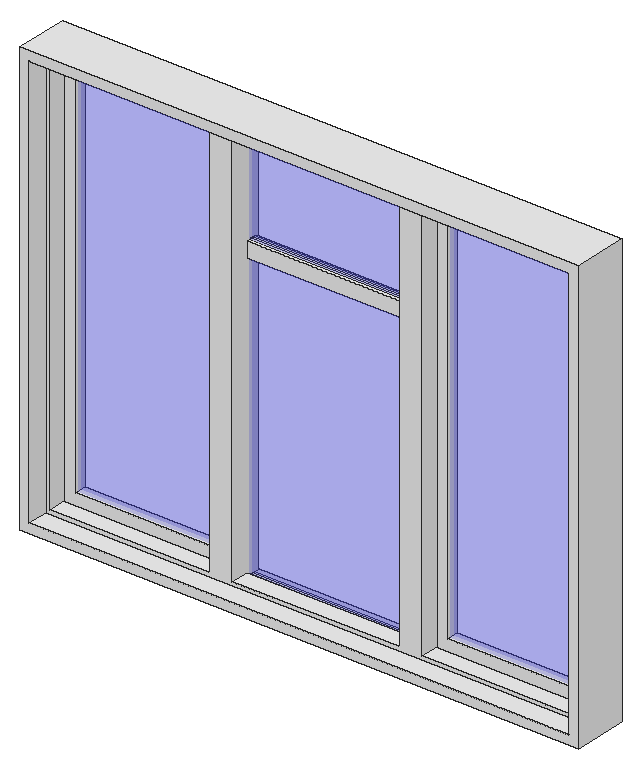
Revit family "M_Janela-batente-triplo-central-travessa", category Janelas, Revit 2019
Family settings
  Hospedeiro = Parede
  Número OmniClass = 23.30.20.00
  Título OmniClass = Windows
  Sempre na vertical = Sim
  Corte com vazios quando carregada = Não
  Compartilhado = Não
  Ponto de cálculo do ambiente = Não
Parameters (values of type "1550 x 1200mm")
  Largura da janela = Largura / 3  # 516.667 mm
  Janela aplicada [instance] = 15.9 mm
  Espessura da parede [instance] = 150 mm
  Visual Light Transmittance = 0.81
  Coeficiente da altura da travessa = 0.3
  Resistência térmica (R) = 0.319569 (m²·K)/W
  Solar Heat Gain Coefficient = 0.76
  Largura bruta = Largura + 15 mm  # 1565 mm
  Altura bruta = Altura + 15 mm  # 1215 mm
  Coeficiente de transferência de calor (U) = 3.12929 W/(m²·K)
  Material da moldura = Metal - Alum
  Altura = 1200 mm
  Material do painel de vidro = Vidro
  Altura da travessa = Coeficiente da altura da travessa * Altura  # 360 mm
  Intervalo da moldura 3 [instance] = Intervalo da moldura 1 + 6.4 mm  # 41.9 mm
  Intervalo da moldura 2 [instance] = if(Janela aplicada > 15.9 mm, Janela aplicada, 15.9 mm)  # 15.9 mm
  Intervalo da moldura 1 = 35.5 mm
  Classificação de incêndio = "0.5h"
  Altura-padrão do peitoril = 900 mm
  Fechamento da parede = Por hospedeiro
  Largura = 1550 mm
  Código de montagem = "B2020100"
  Construção analítica = "Vidraça dupla – residencial"
Types (4, lengths in mm): name | Largura da janela | Janela aplicada | Largura bruta | Altura bruta | Altura | Altura da travessa | Largura
  (no name) | 516.667 | 15.9 | 1565 | 1215 | 1200 | 360 | 1550
  1800 x 1350mm | 600 | 15.9 | 1815 | 1365 | 1350 | 405 | 1800
  1550 x 1200mm | 516.667 | 15.9 | 1565 | 1215 | 1200 | 360 | 1550
  2150 x 1500mm | 716.667 | 15.875 | 2165 | 1515 | 1500 | 450 | 2150
Reference planes
  plane 1 "Centro (Frente/Trás)": y = 0
  plane 2: z = 0
  plane 3 "Centro (Esquerda/Direita)": x = 0
  plane 4 "Esquerda": x = -775
  plane 5 "Direita": x = 775
  plane 6 "Peitoril": z = 900
  plane 7 "Extremidade superior": z = 2100
  plane 8 "Exterior": y = 75
  plane 9 "Interior": y = -75
  plane 10 "Vidro 1": y = 59.1
  plane 11: y = -17.1
  plane 12: x = -749.6
  plane 13: x = 749.6
  plane 14: y = 33.7
  plane 15: x = -739.5
  plane 16: x = 739.5
  plane 17: x = -258.333
  plane 18: x = 258.333
  plane 19: x = -283.733
  plane 20: x = -232.933
  plane 21: x = 232.933
  plane 22: x = 283.733
  plane 23: x = -293.833
  plane 24: x = -222.833
  plane 25: x = 222.833
  plane 26: x = 293.833
  plane 27: z = 2074.6
  plane 28: z = 925.4
  plane 29 "Deslocamento do caixilho": y = 65.45
  plane 30: y = 75
  plane 31: x = -707.7
  plane 32: x = -325.633
  plane 33: x = -191.033
  plane 34: x = 191.033
  plane 35: x = 325.633
  plane 36: x = 707.7
  plane 37: z = 935.5
  plane 38: z = 2064.5
  plane 39: z = 1760.95
  plane 40 "Vidro 2": y = 52.75
  plane 41 "Vidro 3": y = 46.4
  plane 42 "Vidro 4": y = 40.05
  plane 43 "Meio": z = 1500
  plane 44 "Deslocamento do montante": y = 71.8
  plane 45: z = 1740
  plane 46: z = 1719.05
Forms (mm)
  Sweep 1, solid, material "Metal - Alum" <- "Material da moldura"
    path origin (0, 0, 0) x (1, 0, 0) y (0, 0, 1)
      loop
        line (-775, 900) -> (775, 900) -> (775, 2100) -> (-775, 2100) -> (-775, 900)
    profile origin (-775, 0, 1500) x (-1, 0, 0) y (0, -1, 0)
      loop
        line (0, -75) -> (0, 75) -> (-25.4, 75) -> (-25.4, 17.1) -> (-35.5, 17.1) -> (-35.5, -33.7) -> (-25.4, -33.7) -> (-25.4, -75) -> (0, -75)
  Extrusion 2, solid, material "Metal - Alum" <- "Material da moldura"
    sketch origin (0, 0, 900) x (0, -1, 0) y (1, 0, 0)
      loop
        line (-71.8, -283.733) -> (-33.7, -283.733) -> (-33.7, -293.833) -> (17.1, -293.833) -> (17.1, -232.933) -> (-71.8, -232.933) -> (-71.8, -283.733)
      loop
        line (-71.8, 232.933) -> (17.1, 232.933) -> (17.1, 293.833) -> (-33.7, 293.833) -> (-33.7, 283.733) -> (-71.8, 283.733) -> (-71.8, 232.933)
    from 25.4 to 1164.5
  Sweep 3, solid, material "Metal - Alum" <- "Material da moldura"
    path origin (-474.87, 65.45, 1219.2) x (-1, 0, 0) y (0, 0, 1)
      loop
        line (-1224.47, -293.8) -> (-758.604, -293.8) -> (-758.604, 855.4) -> (-1224.47, 855.4) -> (-1224.47, -293.8)
    profile origin (749.6, 65.45, 1500) x (1, 0, 0) y (0, 1, 0)
      loop
        line (-41.9, 0) -> (-41.9, -31.75) -> (0, -31.75) -> (0, 0) -> (-41.9, 0)
  Sweep 4, solid, material "Metal - Alum" <- "Material da moldura"
    path origin (-474.87, 65.45, 1219.2) x (-1, 0, 0) y (0, 0, 1)
      loop
        line (274.73, -293.8) -> (274.73, 855.4) -> (-191.137, 855.4) -> (-191.137, -293.8) -> (274.73, -293.8)
    profile origin (-749.6, 65.45, 1500) x (1, 0, 0) y (0, 1, 0)
      loop
        line (0, 0) -> (0, -31.75) -> (41.9, -31.75) -> (41.9, 0) -> (0, 0)
  Extrusion 5, solid, material "Vidro" <- "Material do painel de vidro"
    sketch origin (0, 0, 900) x (0, -1, 0) y (1, 0, 0)
      loop
        line (-59.1, -707.7) -> (-52.75, -707.7) -> (-52.75, -325.633) -> (-59.1, -325.633) -> (-59.1, -707.7)
      loop
        line (-46.4, -707.7) -> (-40.05, -707.7) -> (-40.05, -325.633) -> (-46.4, -325.633) -> (-46.4, -707.7)
      loop
        line (-59.1, 325.633) -> (-52.75, 325.633) -> (-52.75, 707.7) -> (-59.1, 707.7) -> (-59.1, 325.633)
      loop
        line (-46.4, 325.633) -> (-40.05, 325.633) -> (-40.05, 707.7) -> (-46.4, 707.7) -> (-46.4, 325.633)
    from 35.5 to 1164.5
  Extrusion 6, solid, material "Metal - Alum" <- "Material da moldura"
    sketch origin (-191.033, 186.465, 1219.2) x (0, 1, 0) y (0, 0, 1)
      loop
        line (-121.015, 541.75) -> (-152.765, 541.75) -> (-152.765, 499.85) -> (-121.015, 499.85) -> (-121.015, 541.75)
    from -41.9 to 423.967
  Extrusion 7, solid, material "Vidro" <- "Material do painel de vidro"
    sketch origin (0, 0, 900) x (0, -1, 0) y (1, 0, 0)
      loop
        line (-59.1, -232.933) -> (-52.75, -232.933) -> (-52.75, 232.933) -> (-59.1, 232.933) -> (-59.1, -232.933)
      loop
        line (-46.4, -232.933) -> (-40.05, -232.933) -> (-40.05, 232.933) -> (-46.4, 232.933) -> (-46.4, -232.933)
    from 25.4 to 819.05
  Extrusion 8, solid, material "Vidro" <- "Material do painel de vidro"
    sketch origin (0, 0, 900) x (0, -1, 0) y (1, 0, 0)
      loop
        line (-59.1, -232.933) -> (-52.75, -232.933) -> (-52.75, 232.933) -> (-59.1, 232.933) -> (-59.1, -232.933)
      loop
        line (-46.4, -232.933) -> (-40.05, -232.933) -> (-40.05, 232.933) -> (-46.4, 232.933) -> (-46.4, -232.933)
    from 860.95 to 1174.6
Cuts and joins
  joined: Sweep 1, Extrusion 2
Lines and regions (mm)
  Opening 1
    outline origin (-1524, -75, 0) x (1, 0, 0) y (0, 0, 1)
      loop
        line (749, 2100) -> (749, 900) -> (2299, 900) -> (2299, 2100) -> (749, 2100)
  symbolic lines, style "Giro da elevação"
    curve 1: line (283.733, 65.45, 2074.6) -> (749.6, 65.45, 1500)
    curve 2: line (749.6, 65.45, 1500) -> (283.733, 65.45, 925.4)
    curve 3: line (-283.733, 65.45, 2074.6) -> (-749.6, 65.45, 1500)
    curve 4: line (-749.6, 65.45, 1500) -> (-283.733, 65.45, 925.4)
Text (mm)
  text "EXTERIOR" at (-1490.695, 1293.036, 0), in view "Nível de referência"
  text "INTERIOR" at (-1490.695, -959.266, 0), in view "Nível de referência"
  text "Exterior" at (0, 1108.87, 3129.179), in view "Esquerda"
  text "Exterior" at (0, 464.664, 3176.206), in view "Direita"
Dimensions and locks
  equal spacing: plane 4 "Esquerda", plane 3 "Centro (Esquerda/Direita)", plane 5 "Direita"
  "Largura": plane 4 "Esquerda" to plane 5 "Direita"
  "Altura": plane 6 "Peitoril" to plane 7 "Extremidade superior"
  "Altura-padrão do peitoril": plane 2 to plane 6 "Peitoril"
  "Janela aplicada": plane 8 "Exterior" to plane 10 "Vidro 1"
  locked: plane 4 "Esquerda" to plane 12 at 25.4
  locked: plane 13 to plane 5 "Direita" at 25.4
  "Intervalo da moldura 1": plane 4 "Esquerda" to plane 15
  "Intervalo da moldura 1": plane 16 to plane 5 "Direita"
  locked: plane 14 to plane 11 at 50.8
  equal spacing: plane 4 "Esquerda", plane 17, plane 18, plane 5 "Direita"
  locked: plane 19 to plane 17 at 25.4
  locked: plane 17 to plane 20 at 25.4
  locked: plane 21 to plane 18 at 25.4
  locked: plane 18 to plane 22 at 25.4
  "Intervalo da moldura 1": plane 23 to plane 17
  "Intervalo da moldura 1": plane 17 to plane 24
  "Intervalo da moldura 1": plane 25 to plane 18
  "Intervalo da moldura 1": plane 18 to plane 26
  locked: plane 7 "Extremidade superior" to plane 27 at 25.4
  locked: plane 28 to plane 6 "Peitoril" at 25.4
  "Intervalo da moldura 2": plane 30 to plane 10 "Vidro 1"
  "Intervalo da moldura 3": plane 12 to plane 31
  "Intervalo da moldura 3": plane 32 to plane 19
  "Intervalo da moldura 3": plane 20 to plane 33
  "Intervalo da moldura 3": plane 34 to plane 21
  "Intervalo da moldura 3": plane 22 to plane 35
  "Intervalo da moldura 3": plane 36 to plane 13
  "Intervalo da moldura 1": plane 6 "Peitoril" to plane 37
  "Intervalo da moldura 1": plane 38 to plane 7 "Extremidade superior"
  locked: plane 10 "Vidro 1" to plane 40 "Vidro 2" at 6.35
  locked: plane 40 "Vidro 2" to plane 41 "Vidro 3" at 6.35
  locked: plane 41 "Vidro 3" to plane 42 "Vidro 4" at 6.35
  equal spacing: plane 6 "Peitoril", plane 43 "Meio", plane 7 "Extremidade superior"
  locked: plane 10 "Vidro 1" to plane 14 at 25.4
  locked: plane 29 "Deslocamento do caixilho" to plane 10 "Vidro 1" at 6.35
  locked: plane 44 "Deslocamento do montante" to plane 29 "Deslocamento do caixilho" at 6.35
  equal spacing: plane 25, Extrusion 8 sketch curve, plane 18
  "Espessura da parede": host wall to host wall
  "Intervalo da moldura 3": plane 46 to plane 39
  equal spacing: plane 46, plane 45, plane 39
  "Altura da travessa": plane 45 to plane 7 "Extremidade superior"
  aligned and locked: plane 7 "Extremidade superior" to Opening 1 sketch curve
  aligned and locked: plane 6 "Peitoril" to Opening 1 sketch curve  (x2)
  aligned and locked: plane 5 "Direita" to Opening 1 sketch curve
  aligned and locked: plane 4 "Esquerda" to Opening 1 sketch curve
  aligned and locked: level to plane 2
  aligned and locked: host wall to plane 8 "Exterior"
  aligned and locked: plane 9 "Interior" to host wall
  aligned and locked: Sweep 1 sketch curve to plane 4 "Esquerda"  (x2)
  aligned and locked: plane 7 "Extremidade superior" to Sweep 1 sketch curve  (x2)
  aligned and locked: plane 5 "Direita" to Sweep 1 sketch curve  (x2)
  aligned and locked: plane 6 "Peitoril" to Sweep 1 sketch curve  (x2)
  aligned and locked: plane 4 "Esquerda" to Sweep 1 sketch curve  (x2)
  aligned and locked: Sweep 1 sketch curve to plane 14
  aligned and locked: Sweep 1 sketch curve to plane 15
  aligned and locked: plane 9 "Interior" to Sweep 1 sketch curve  (x2)
  aligned and locked: plane 12 to Sweep 1 sketch curve  (x2)
  aligned and locked: plane 14 to Sweep 1 sketch curve
  aligned and locked: Extrusion 2 sketch curve to plane 19
  aligned and locked: Extrusion 2 sketch curve to plane 21
  aligned and locked: plane 30 to Sweep 1 sketch curve  (x2)
  aligned and locked: Sweep 4 sketch curve to plane 27
  aligned and locked: Sweep 4 sketch curve to plane 19
  aligned and locked: plane 28 to Sweep 4 sketch curve  (x2)
  aligned and locked: plane 12 to Sweep 4 sketch curve  (x2)
  aligned and locked: plane 19 to Sweep 4 sketch curve
  aligned and locked: plane 27 to Sweep 4 sketch curve
  aligned and locked: Sweep 4 sketch curve to profile plane  (x2)
  aligned and locked: plane 14 to Sweep 4 sketch curve
  aligned and locked: Sweep 4 sketch curve to plane 31
  aligned and locked: plane 28 to Sweep 3 sketch curve  (x2)
  aligned and locked: plane 13 to Sweep 3 sketch curve  (x2)
  aligned and locked: plane 22 to Sweep 3 sketch curve  (x2)
  aligned and locked: plane 27 to Sweep 3 sketch curve  (x2)
  aligned and locked: Sweep 3 sketch curve to profile plane
  aligned and locked: plane 36 to Sweep 3 sketch curve
  aligned and locked: Sweep 3 sketch curve to Sweep 1
  aligned and locked: Sweep 1 to Sweep 3 sketch curve
  aligned and locked: plane 38 to Extrusion 5
  aligned and locked: Extrusion 5 to plane 37
  aligned and locked: plane 29 "Deslocamento do caixilho" to Extrusion 6 sketch curve
  aligned and locked: Extrusion 6 sketch curve to plane 14
  aligned and locked: plane 10 "Vidro 1" to Extrusion 5 sketch curve  (x2)
  aligned and locked: Extrusion 5 sketch curve to plane 31
  aligned and locked: Extrusion 5 sketch curve to plane 40 "Vidro 2"  (x2)
  aligned and locked: plane 32 to Extrusion 5 sketch curve  (x2)
  aligned and locked: Extrusion 5 sketch curve to plane 41 "Vidro 3"
  aligned and locked: Extrusion 5 sketch curve to plane 42 "Vidro 4"  (x2)
  aligned and locked: Extrusion 5 sketch curve to plane 35  (x2)
  aligned and locked: plane 36 to Extrusion 5 sketch curve  (x2)
  aligned and locked: plane 41 "Vidro 3" to Extrusion 5 sketch curve
  aligned and locked: Extrusion 8 to plane 39
  aligned and locked: plane 27 to curve 1
  aligned and locked: plane 22 to curve 1
  aligned and locked: plane 13 to curve 2
  aligned and locked: plane 43 "Meio" to curve 1
  aligned and locked: plane 22 to curve 2
  aligned and locked: plane 28 to curve 2
  aligned and locked: plane 28 to curve 4
  aligned and locked: plane 19 to curve 4
  aligned and locked: plane 43 "Meio" to curve 4
  aligned and locked: plane 12 to curve 4
  aligned and locked: plane 19 to curve 3
  aligned and locked: plane 27 to curve 3
  aligned and locked: plane 39 to Extrusion 6
  aligned and locked: Extrusion 7 to Extrusion 6
  aligned and locked: plane 10 "Vidro 1" to Extrusion 7 sketch curve
  aligned and locked: Extrusion 7 sketch curve to plane 20  (x2)
  aligned and locked: Extrusion 7 sketch curve to plane 40 "Vidro 2"
  aligned and locked: plane 41 "Vidro 3" to Extrusion 7 sketch curve
  aligned and locked: Extrusion 7 sketch curve to plane 42 "Vidro 4"
  aligned and locked: plane 21 to Extrusion 7 sketch curve
  aligned and locked: plane 10 "Vidro 1" to Extrusion 8 sketch curve
  aligned and locked: Extrusion 8 sketch curve to plane 20  (x2)
  aligned and locked: Extrusion 8 sketch curve to plane 40 "Vidro 2"
  aligned and locked: plane 41 "Vidro 3" to Extrusion 8 sketch curve
  aligned and locked: Extrusion 8 sketch curve to plane 42 "Vidro 4"
  aligned and locked: plane 21 to Extrusion 8 sketch curve
  aligned and locked: plane 21 to Extrusion 6
  aligned and locked: Extrusion 6 to plane 20
  aligned and locked: Extrusion 2 sketch curve to plane 23
  aligned and locked: plane 20 to Extrusion 2 sketch curve  (x2)
  aligned and locked: plane 23 to Extrusion 2 sketch curve
  aligned and locked: plane 14 to Extrusion 2 sketch curve  (x3)
  aligned and locked: plane 44 "Deslocamento do montante" to Extrusion 2 sketch curve  (x4)
  aligned and locked: plane 19 to Extrusion 2 sketch curve
  aligned and locked: plane 26 to Extrusion 2 sketch curve  (x2)
  aligned and locked: plane 21 to Extrusion 2 sketch curve
  aligned and locked: plane 22 to Extrusion 2 sketch curve
  aligned and locked: Extrusion 7 to plane 28
  aligned and locked: plane 27 to Extrusion 8
  aligned and locked: nested 1 to plane 8 "Exterior"
  aligned and locked: plane 17 to nested 1
  aligned and locked: plane 18 to nested 1
  aligned and locked: nested 2 to plane 4 "Esquerda"
  aligned and locked: nested 2 to plane 8 "Exterior"
  aligned and locked: nested 3 to plane 5 "Direita"
  aligned and locked: nested 3 to plane 8 "Exterior"
  aligned and locked: nested 1 to plane 7 "Extremidade superior"
  aligned and locked: nested 2 to plane 7 "Extremidade superior"
  aligned and locked: nested 3 to plane 7 "Extremidade superior"
  aligned and locked: cut or joined group of Sweep 1, Extrusion 2 to plane 11
  aligned and locked: Extrusion 2 sketch curve to plane 11
  aligned and locked: Sweep 1 sketch curve to plane 11
  aligned and locked: Extrusion 6 sketch curve to plane 39
  aligned and locked: plane 46 to Extrusion 6 sketch curve
  aligned and locked: plane 38 to cut or joined group of Sweep 1, Extrusion 2
Automatic sketch dimensions
  Extrusion 5 sketch curve to plane 31 = 0 mm
  Extrusion 8 sketch curve to plane 21 = 0 mm
  Extrusion 7 sketch curve to plane 21 = 0 mm
  host wall to Extrusion 2 sketch curve = 17.1 mm
Nested families
  nested 1: "M_Plana-fixa_simples" at (0, 75, 900), Janela aplicada <- "Janela aplicada", Largura <- "Largura da janela", Altura <- "Altura", Espessura da parede <- "Espessura da parede", type "M_Plana-fixa_simples"
    with Janela aplicada de 3D 2.9 mm, Janela aplicada 15.9 mm, Largura 516.667 mm, Espessura da parede 150 mm, Linha superior yes, Linha à direita no, Linha à esquerda no, Altura 1200 mm, Linha inferior yes
  nested 2: "M_Plano-Batente" at (-516.667, 75, 900), Janela aplicada <- "Janela aplicada", Largura <- "Largura da janela", Altura <- "Altura", Espessura da parede <- "Espessura da parede", type "M_Plano-Batente"
    with Janela aplicada de 3D 2.9 mm, Janela aplicada 15.9 mm, Largura 516.667 mm, Espessura da parede 150 mm, Linha superior yes, Linha à direita no, RH no, Linha à esquerda yes, LH yes, Altura 1200 mm, Linha inferior yes
  nested 3: "M_Plano-Batente" at (516.667, 75, 900), Janela aplicada <- "Janela aplicada", Largura <- "Largura da janela", Altura <- "Altura", Espessura da parede <- "Espessura da parede", type "M_Plano-Batente"
    with Janela aplicada de 3D 2.9 mm, Janela aplicada 15.9 mm, Largura 516.667 mm, Espessura da parede 150 mm, Linha superior yes, Linha à direita yes, RH yes, Linha à esquerda no, LH no, Altura 1200 mm, Linha inferior yes
Definition of nested family "M_Plana-fixa_simples"
  Parameters (values of type "M_Plana-fixa_simples")
    Janela aplicada [instance] = 25 mm
    Janela aplicada de 3D [instance] = if(Janela aplicada - 13 mm < 0 mm, 0 mm, if(Janela aplicada - 13 mm < Espessura da parede - 90 mm, Janela aplicada - 13 mm, Espessura da parede - 90 mm))  # 12 mm
    Width [instance] = 1200 mm
    Espessura da parede [instance] = 150 mm
    Linha superior [instance] = yes
    Linha à direita [instance] = yes
    Linha à esquerda [instance] = yes
    Height [instance] = 900 mm
    Default Elevation = 1200 mm
    Linha inferior [instance] = yes
    Analytic Construction = "<Nenhum>"
  Reference planes
    plane 1 "Centro (Frente/Trás)": y = 0
    plane 2: z = 0
    plane 3 "Centro (Esquerda/Direita)": x = 0
    plane 4: x = -600
    plane 5: x = 600
    plane 6 "Umbral": y = -100.9
    plane 7: x = -587.3
    plane 8: y = -12
    plane 9: y = -56.45
    plane 10: y = -34.225
    plane 11: x = 587.3
    plane 12 "Janela aplicada": y = -24.7
    plane 13 "Parede": y = -150
    plane 14: z = 900
    plane 15: z = 887.3
    plane 16: z = 12.7
    plane 17: z = 868.25
    plane 18: z = 31.75
    plane 19: z = 830.15
    plane 20: z = 69.85
  Lines and regions (mm)
    Masking region 1
      outline origin (0, 19.05, 0) x (1, 0, 0) y (0, 1, 0)
        loop
          line (-600, -19.05) -> (-600, -169.05) -> (600, -169.05) -> (600, -19.05) -> (-600, -19.05)
    Masking region 2
      outline origin (0, 0, 0) x (0, 1, 0) y (0, 0, 1)
        loop
          line (-150, 0) -> (0, 0) -> (0, 900) -> (-150, 900) -> (-150, 0)
    symbolic lines
      curve 1: line (-587.3, -12, 0) -> (-587.3, -100.9, 0)
      curve 2: line (-587.3, -34.225, 0) -> (587.3, -34.225, 0)
      curve 3: line (587.3, -12, 0) -> (587.3, -100.9, 0)
      curve 4: line (-600, -100.9, 0) -> (-587.3, -100.9, 0)
      curve 5: line (587.3, -100.9, 0) -> (600, -100.9, 0)
      curve 6: line (587.3, -100.9, 0) -> (-587.3, -100.9, 0)
      curve 7: line (0, -12, 887.3) -> (0, -100.9, 887.3)
      curve 8: line (0, -100.9, 12.7) -> (0, -100.9, 887.3)
      curve 9: line (0, -12, 12.7) -> (0, -100.9, 12.7)
      curve 10: line (0, -12, 900) -> (0, -12, 887.3)
      curve 11: line (0, -34.225, 12.7) -> (0, -34.225, 887.3)
      curve 12: line (587.3, -12, 0) -> (600, -12, 0)
      curve 13: line (-587.3, -12, 0) -> (-600, -12, 0)
      curve 14: line (0, -12, 12.7) -> (0, -12, 0)
      curve 15: line (-587.3, -12, 0) -> (587.3, -12, 0)
      curve 16: line (0, -12, 12.7) -> (0, -12, 887.3)
      curve 17: line (0, -100.9, 12.7) -> (0, -100.9, 0)
      curve 18: line (0, -100.9, 887.3) -> (0, -100.9, 900)
    symbolic lines, visible <- "Linha à esquerda"
      curve 19: line (-600, 0, 0) -> (-600, -150, 0)
    symbolic lines, visible <- "Linha à direita"
      curve 20: line (600, 0, 0) -> (600, -150, 0)
    symbolic lines, visible <- "Linha superior"
      curve 21: line (0, 0, 900) -> (0, -150, 900)
    symbolic lines, visible <- "Linha inferior"
      curve 22: line (0, 0, 0) -> (0, -150, 0)
  Dimensions and locks
    "Width": plane 4 to plane 5
    equal spacing: plane 4, plane 3 "Centro (Esquerda/Direita)", plane 5
    locked: plane 4 to plane 7 at 12.7
    equal spacing: plane 8, plane 10, plane 9
    locked: plane 5 to plane 11 at 12.7
    locked: plane 8 to plane 12 "Janela aplicada" at 12.7
    locked: plane 8 to plane 9 at 44.45
    "Espessura da parede": plane 13 "Parede" to plane 1 "Centro (Frente/Trás)"
    "Height": plane 14 to plane 2
    locked: plane 14 to plane 15 at 12.7
    locked: plane 16 to plane 2 at 12.7
    locked: plane 15 to plane 17 at 19.05
    locked: plane 18 to plane 16 at 19.05
    locked: plane 15 to plane 19 at 57.15
    locked: plane 20 to plane 16 at 57.15
    locked: plane 9 to plane 6 "Umbral" at 44.45
    "Janela aplicada de 3D": plane 8 to plane 1 "Centro (Frente/Trás)"
    aligned and locked: plane 2 to level
    aligned and locked: Masking region 1 sketch curve to plane 13 "Parede"
    aligned and locked: curve 4 to plane 6 "Umbral"
    aligned and locked: curve 5 to plane 6 "Umbral"
    aligned and locked: plane 1 "Centro (Frente/Trás)" to Masking region 1 sketch curve  (x2)
    aligned and locked: plane 13 "Parede" to Masking region 2 sketch curve  (x2)
    aligned and locked: plane 6 "Umbral" to curve 8
    aligned and locked: plane 15 to curve 7
    aligned and locked: plane 16 to curve 9
    aligned and locked: curve 10 to plane 8
    aligned and locked: plane 10 to curve 11
    aligned and locked: plane 5 to curve 12
    aligned and locked: plane 14 to curve 10
    aligned and locked: plane 8 to curve 7
    aligned and locked: plane 4 to curve 13
    aligned and locked: plane 8 to curve 14
    aligned and locked: plane 2 to curve 14
    aligned and locked: curve 1 to plane 7
    aligned and locked: plane 11 to curve 3
    aligned and locked: curve 15 to plane 8
    aligned and locked: curve 18 to plane 6 "Umbral"
    aligned and locked: plane 4 to Masking region 1 sketch curve
    aligned and locked: Masking region 1 sketch curve to plane 5
    aligned and locked: plane 14 to Masking region 2 sketch curve
    aligned and locked: Masking region 2 sketch curve to plane 2
    aligned and locked: plane 13 "Parede" to Masking region 1 sketch curve
    aligned and locked: plane 1 "Centro (Frente/Trás)" to curve 19
    aligned and locked: plane 13 "Parede" to curve 19
    aligned and locked: curve 19 to plane 4
    aligned and locked: plane 1 "Centro (Frente/Trás)" to curve 20
    aligned and locked: plane 13 "Parede" to curve 20
    aligned and locked: curve 20 to plane 5
    aligned and locked: plane 1 "Centro (Frente/Trás)" to Masking region 2 sketch curve
    aligned and locked: plane 1 "Centro (Frente/Trás)" to curve 21
    aligned and locked: plane 13 "Parede" to curve 21
    aligned and locked: curve 21 to plane 14
    aligned and locked: plane 1 "Centro (Frente/Trás)" to curve 22
    aligned and locked: plane 13 "Parede" to curve 22
    aligned and locked: curve 22 to plane 2
  Automatic sketch dimensions
    curve 2 to plane 10 = 0 mm
Definition of nested family "M_Plano-Batente"
  Parameters (values of type "M_Plano-Batente")
    Janela aplicada [instance] = 25 mm
    Janela aplicada de 3D [instance] = if(Janela aplicada - 13 mm < 0 mm, 0 mm, if(Janela aplicada - 13 mm < Espessura da parede - 90 mm, Janela aplicada - 13 mm, Espessura da parede - 90 mm))  # 12 mm
    Width [instance] = 1200 mm
    Espessura da parede [instance] = 150 mm
    Linha superior [instance] = yes
    Linha à direita [instance] = yes
    RH [instance] = yes
    Linha à esquerda [instance] = yes
    LH [instance] = yes
    Height [instance] = 900 mm
    Default Elevation = 1200 mm
    Linha inferior [instance] = yes
    Analytic Construction = "<Nenhum>"
  Reference planes
    plane 1 "Centro (Frente/Trás)": y = 0
    plane 2: z = 0
    plane 3 "Centro (Esquerda/Direita)": x = 0
    plane 4: x = -600
    plane 5: x = 600
    plane 6 "Umbral": y = -100.9
    plane 7: x = -587.3
    plane 8: x = -568.25
    plane 9: y = -12
    plane 10: y = -56.45
    plane 11: y = -34.225
    plane 12: x = -530.15
    plane 13: x = 587.3
    plane 14: x = 568.25
    plane 15: x = 530.15
    plane 16 "Janela aplicada": y = -24.7
    plane 17 "Parede": y = -150
    plane 18: z = 900
    plane 19: z = 887.3
    plane 20: z = 12.7
    plane 21: z = 868.25
    plane 22: z = 31.75
    plane 23: z = 830.15
    plane 24: z = 69.85
  Lines and regions (mm)
    Masking region 1
      outline origin (0, 19.05, 0) x (1, 0, 0) y (0, 1, 0)
        loop
          line (-600, -19.05) -> (-600, -169.05) -> (600, -169.05) -> (600, -19.05) -> (-600, -19.05)
    Masking region 2
      outline origin (0, 0, 0) x (0, 1, 0) y (0, 0, 1)
        loop
          line (0, 900) -> (-150, 900) -> (-150, 0) -> (0, 0) -> (0, 900)
    symbolic lines
      curve 1: line (-587.3, -56.45, 0) -> (-568.25, -56.45, 0)
      curve 2: line (-568.25, -56.45, 0) -> (-568.25, -100.9, 0)
      curve 3: line (-587.3, -12, 0) -> (-587.3, -56.45, 0)
      curve 4: line (-530.15, -12, 0) -> (-530.15, -56.45, 0)
      curve 5: line (-530.15, -56.45, 0) -> (-568.25, -56.45, 0)
      curve 6: line (-530.15, -34.225, 0) -> (530.15, -34.225, 0)
      curve 7: line (587.3, -56.45, 0) -> (568.25, -56.45, 0)
      curve 8: line (568.25, -56.45, 0) -> (568.25, -100.9, 0)
      curve 9: line (587.3, -12, 0) -> (587.3, -56.45, 0)
      curve 10: line (530.15, -12, 0) -> (530.15, -56.45, 0)
      curve 11: line (530.15, -56.45, 0) -> (568.25, -56.45, 0)
      curve 14: line (-600, -100.9, 0) -> (-568.25, -100.9, 0)
      curve 15: line (568.25, -100.9, 0) -> (600, -100.9, 0)
      curve 16: line (568.25, -100.9, 0) -> (-568.25, -100.9, 0)
      curve 17: line (0, -12, 887.3) -> (0, -56.45, 887.3)
      curve 18: line (0, -56.45, 868.25) -> (0, -100.9, 868.25)
      curve 19: line (0, -12, 12.7) -> (0, -56.45, 12.7)
      curve 20: line (0, -56.45, 12.7) -> (0, -56.45, 69.85)
      curve 21: line (0, -56.45, 31.75) -> (0, -100.9, 31.75)
      curve 22: line (0, -12, 900) -> (0, -12, 830.15)
      curve 23: line (0, -12, 830.15) -> (0, -56.45, 830.15)
      curve 24: line (0, -56.45, 69.85) -> (0, -12, 69.85)
      curve 25: line (0, -34.225, 69.85) -> (0, -34.225, 830.15)
      curve 28: line (0, -56.45, 887.3) -> (0, -56.45, 830.15)
      curve 29: line (530.15, -12, 0) -> (600, -12, 0)
      curve 30: line (-530.15, -12, 0) -> (-600, -12, 0)
      curve 31: line (0, -12, 69.85) -> (0, -12, 0)
      curve 32: line (-530.15, -12, 0) -> (530.15, -12, 0)
      curve 33: line (0, -12, 830.15) -> (0, -12, 69.85)
      curve 38: line (0, -100.9, 31.75) -> (0, -100.9, 868.25)
      curve 39: line (0, -100.9, 31.75) -> (0, -100.9, 0)
      curve 40: line (0, -100.9, 900) -> (0, -100.9, 868.25)
    symbolic lines, visible <- "RH"
      curve 12: arc (-587.3, -12, 0) -> (-497.889, 437.5, 0) -> (-243.268, 818.568, 0) r 1174.6
      curve 26: line (587.3, -12, 0) -> (-243.268, 818.568, 0)
    symbolic lines, visible <- "LH"
      curve 13: line (-587.3, -12, 0) -> (243.268, 818.568, 0)
      curve 27: arc (587.3, -12, 0) -> (497.889, 437.5, 0) -> (243.268, 818.568, 0) r 1174.6
    symbolic lines, visible <- "Linha à direita"
      curve 34: line (600, 0, 0) -> (600, -150, 0)
    symbolic lines, visible <- "Linha à esquerda"
      curve 35: line (-600, 0, 0) -> (-600, -150, 0)
    symbolic lines, visible <- "Linha superior"
      curve 36: line (0, 0, 900) -> (0, -150, 900)
    symbolic lines, visible <- "Linha inferior"
      curve 37: line (0, 0, 0) -> (0, -150, 0)
  Dimensions and locks
    "Width": plane 4 to plane 5
    equal spacing: plane 4, plane 3 "Centro (Esquerda/Direita)", plane 5
    plane 4 to plane 7 to plane 8 = 12.7 mm locked, 19.05 mm locked
    equal spacing: plane 9, plane 11, plane 10
    locked: plane 7 to plane 12 at 57.15
    plane 5 to plane 13 to plane 14 = 12.7 mm locked, 19.05 mm locked
    locked: plane 13 to plane 15 at 57.15
    locked: plane 9 to plane 16 "Janela aplicada" at 12.7
    locked: plane 9 to plane 10 at 44.45
    "Espessura da parede": plane 17 "Parede" to plane 1 "Centro (Frente/Trás)"
    "Height": plane 18 to plane 2
    locked: plane 18 to plane 19 at 12.7
    locked: plane 20 to plane 2 at 12.7
    locked: plane 19 to plane 21 at 19.05
    locked: plane 22 to plane 20 at 19.05
    locked: plane 19 to plane 23 at 57.15
    locked: plane 24 to plane 20 at 57.15
    locked: plane 10 to plane 6 "Umbral" at 44.45
    "Janela aplicada de 3D": plane 9 to plane 1 "Centro (Frente/Trás)"
    locked: plane 9 to curve 13 (angle 45.00°)
    angle curve 26 to plane 16 "Janela aplicada" = 45.00°
    aligned and locked: plane 2 to level
    aligned and locked: curve 2 to plane 8
    aligned and locked: curve 1 to plane 10
    aligned and locked: plane 14 to curve 8
    aligned and locked: curve 14 to plane 6 "Umbral"
    aligned and locked: curve 15 to plane 6 "Umbral"
    aligned and locked: plane 21 to curve 18
    aligned and locked: plane 19 to curve 17
    aligned and locked: plane 22 to curve 21
    aligned and locked: plane 10 to curve 20
    aligned and locked: plane 20 to curve 19
    aligned and locked: curve 22 to plane 9
    aligned and locked: plane 23 to curve 23
    aligned and locked: curve 24 to plane 24
    aligned and locked: plane 11 to curve 25
    aligned and locked: plane 13 to curve 27
    aligned and locked: plane 9 to curve 13
    aligned and locked: plane 9 to curve 26
    aligned and locked: plane 5 to curve 29
    aligned and locked: plane 18 to curve 22
    aligned and locked: plane 9 to curve 17
    aligned and locked: plane 9 to curve 19
    aligned and locked: plane 9 to curve 3
    aligned and locked: plane 9 to curve 9
    aligned and locked: curve 28 to plane 10
    aligned and locked: plane 19 to curve 28
    aligned and locked: plane 23 to curve 28
    aligned and locked: plane 4 to curve 30
    aligned and locked: plane 9 to curve 31
    aligned and locked: plane 2 to curve 31
    aligned and locked: curve 32 to plane 9
    aligned and locked: plane 12 to curve 32
    aligned and locked: plane 15 to curve 32
    aligned and locked: plane 24 to curve 33
    aligned and locked: plane 1 "Centro (Frente/Trás)" to curve 34
    aligned and locked: plane 17 "Parede" to curve 34
    aligned and locked: curve 34 to plane 5
    aligned and locked: plane 17 "Parede" to curve 35
    aligned and locked: plane 1 "Centro (Frente/Trás)" to curve 35
    aligned and locked: curve 35 to plane 4
    aligned and locked: plane 17 "Parede" to curve 37
    aligned and locked: plane 1 "Centro (Frente/Trás)" to curve 37
    aligned and locked: curve 37 to plane 2
    aligned and locked: plane 17 "Parede" to curve 36
    aligned and locked: plane 1 "Centro (Frente/Trás)" to curve 36
    aligned and locked: curve 36 to plane 18
    aligned and locked: plane 1 "Centro (Frente/Trás)" to Masking region 1 sketch curve
    aligned and locked: plane 17 "Parede" to Masking region 1 sketch curve
    aligned and locked: plane 4 to Masking region 1 sketch curve
    aligned and locked: Masking region 1 sketch curve to plane 5
    aligned and locked: plane 2 to Masking region 2 sketch curve
    aligned and locked: Masking region 2 sketch curve to plane 18
    aligned and locked: plane 1 "Centro (Frente/Trás)" to Masking region 2 sketch curve
    aligned and locked: plane 17 "Parede" to Masking region 2 sketch curve
    aligned and locked: plane 6 "Umbral" to curve 21
    aligned and locked: plane 6 "Umbral" to curve 18
    aligned and locked: plane 10 to curve 18
    aligned and locked: plane 10 to curve 21
    aligned and locked: plane 22 to curve 39
    aligned and locked: plane 21 to curve 40
    aligned and locked: plane 6 "Umbral" to curve 40
  Automatic sketch dimensions
    curve 3 to plane 7 = 0 mm
    curve 27 to plane 7 = 0 mm
    curve 12 to plane 13 = 0 mm
    curve 7 to plane 10 = 0 mm
    curve 6 to plane 11 = 0 mm
